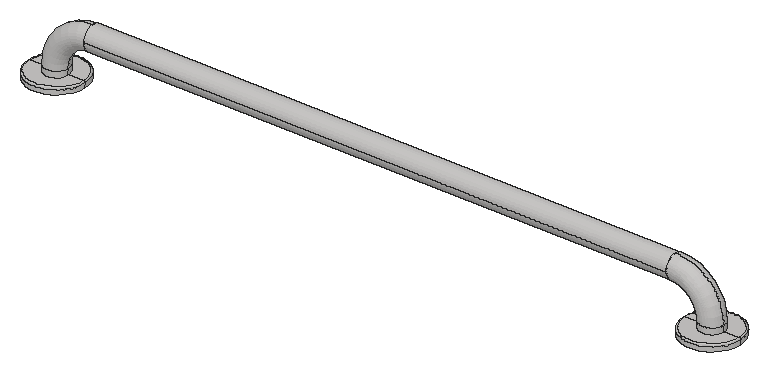
Revit family "PRD_FrankeWS_SpprtRls_StraightGrabRail_CNTX300W_450W_600W_750W_900W_1050W_1100W", category Specialty Equipment, host Face, Revit 2018
Family settings
  Host = Face
  Round Connector Dimension = Use Diameter
  Part Type = Normal
  OmniClass Number = 23.40.20.21
  OmniClass Title = Toilet and Bath Specialties
  Cut with Voids When Loaded = No
  Shared = No
  Room Calculation Point = No
Parameters (values of type "CNTX900W")
  WarrantyStartDate [instance] = "1900-12-31T23:59:59"
  WarrantyGuarantorParts = "n/a"
  WarrantyGuarantorLabor = "n/a"
  WarrantyDurationUnit = "year"
  WarrantyDurationParts = "n/a"
  WarrantyDurationLabor = "n/a"
  WarrantyDescription = "n/a"
  Version = "1"
  Uniclass2015Version = "Products v1.10"
  Uniclass2015Title = "Support rails"
  Uniclass2015Code = "Pr_40_20_76_84"
  URL = "www.kwc.com"
  TypeOfMounting = "Wall mounting"
  TypeOfGrabRail = "Straight bar"
  TypeOfFixing = "Screw"
  TagNumber [instance] = "n/a"
  SustainabilityPerformance = "n/a"
  Style = "n/a"
  Size = "978 x 78 x 82 mm"
  Shape = "n/a"
  SerialNumber [instance] = "n/a"
  Revision = "n/a"
  ReplacementCost = "n/a"
  ProductInformation = "https://pim.kwc.com/product/2030033990/attachment/datasheet?locale=en"
  PipeDiameter = 32.00 mm
  NominalWidth = 978.00 mm
  NominalHeight = 78.00 mm
  NominalDepth = 82.00 mm
  NetWeight = 2.214 kg
  Name = "Straight Grab Rail CNTX900W"
  NBSTypeID = "n/a"
  NBSReference = "45-35-72/360"
  NBSOfficeMasterTag = "n/a"
  NBSNote = "n/a"
  NBSDescription = "Support rails"
  NBSCertification = "n/a"
  ModelReference = "CNTX900W"
  ModelNumber = "2030033990"
  Model = ModelReference  # "CNTX900W"
  MaterialThickness = "1.20 mm"
  MaterialCode = "1.4301"
  Material = "stainless steel"
  ManufacturerURL = "www.kwc.com"
  ManufacturerName = "KWC Group AG"  # constant formula
  Manufacturer = ManufacturerName  # "KWC Group AG"
  MainColor = "stainless steel"
  IsBuiltIn = "TRUE"
  IntegralAccessories = "incl. stainless steel screws and dowels"
  InstallationDate [instance] = "1900-12-31T23:59:59"
  IfcExportType = "USERDEFINED"
  IfcExportAs = "IfcFurnitureType"
  Hinged = "No"
  HiddenFixing = "Yes"
  GrossWeight = 2.318 kg
  Grade = "n/a"
  GrabRailMaterial = PRD_AR_StainlessSteel_SatinFinished
  Finish = "satin finished"
  Features = "stainless steel, surface satin finished"
  ExpectedLife = "n/a"
  DurationUnit = "year"
  DistanceBetweenPoints = 900.00 mm
  Description = "Grab rail for wall mounting, stainless steel, surface satin finished, rough polishing for better surface feel, 32 mm pipe diameter, material thickness 1.2 mm, wall distance 82 mm, with two stainless steel covers for hidden mounting, includes stainless steel screws and dowels. Type 900 mm."
  Default Elevation = 750.00 mm
  CreateOn = "11/2019"  # constant formula
  Constituents = "n/a"
  Color = "no color"
  CodePerformance = "n/a"
  Category = "Pr_40_20_76_84, Support rails"
  BendingAngle = "0.00 degree"
  BarCode [instance] = "n/a"
  Back = "n/a"
  BIMObjectName = "PRD_AR_SupportRails_StraightGrabRail_CNTX900W"
  Author = "Archispace"  # constant formula
  AssetType = "Fixed"
  AssetIdentifier [instance] = "n/a"
  AccessibilityPerformance = "n/a"
Types (7, lengths in mm): name | Size | ProductInformation | NominalWidth | NetWeight | Name | ModelReference | ModelNumber | Model | GrossWeight | DistanceBetweenPoints | Description | Back | BIMObjectName
  CNTX600W | "678 x 78 x 82 mm" | "https://pim.kwc.com/product/2030032985/attachment/datasheet?locale=en" | 678.00 | 0.95 kg | "Straight Grab Rail CNTX600W" | "CNTX600W" | "2030032985" | "CNTX600W" | 1.21 kg | 600.00 | "Grab rail for wall mounting, stainless steel, surface satin finished, rough polishing for better surface feel, 32 mm pipe diameter, material thickness 1.2 mm, wall distance 82 mm, with two stainless steel covers for hidden mounting, includes stainless steel screws and dowels. Type 600 mm." | "n/a" | "PRD_AR_SupportRails_StraightGrabRail_CNTX600W"
  CNTX450W | "528 x 78 x 82 mm" | "https://pim.kwc.com/product/2030033978/attachment/datasheet?locale=en" | 528.00 | 1.00 kg | "Straight Grab Rail CNTX450W" | "CNTX450W" | "2030033978" | "CNTX450W" | 1.10 kg | 450.00 | "Grab rail for wall mounting, stainless steel, surface satin finished, rough polishing for better surface feel, 32 mm pipe diameter, material thickness 1.2 mm, wall distance 82 mm, with two stainless steel covers for hidden mounting, includes stainless steel screws and dowels. Type 450 mm." | "n/a" | "PRD_AR_SupportRails_StraightGrabRail_CNTX450W"
  CNTX900W | "978 x 78 x 82 mm" | "https://pim.kwc.com/product/2030033990/attachment/datasheet?locale=en" | 978.00 | 2.214 kg | "Straight Grab Rail CNTX900W" | "CNTX900W" | "2030033990" | "CNTX900W" | 2.318 kg | 900.00 | "Grab rail for wall mounting, stainless steel, surface satin finished, rough polishing for better surface feel, 32 mm pipe diameter, material thickness 1.2 mm, wall distance 82 mm, with two stainless steel covers for hidden mounting, includes stainless steel screws and dowels. Type 900 mm." | "n/a" | "PRD_AR_SupportRails_StraightGrabRail_CNTX900W"
  CNTX1100W | "1178 x 78 x 82 mm" | "https://pim.kwc.com/product/2030033994/attachment/datasheet?locale=en" | 1178.00 | 3.219 kg | "Straight Grab Rail CNTX1100W" | "CNTX1100W" | "2030033994" | "CNTX1100W" | 3.347 kg | 1100.00 | "Grab rail for wall mounting, stainless steel, surface satin finished, rough polishing for better surface feel, 32 mm pipe diameter, material thickness 1.2 mm, wall distance 82 mm, with two stainless steel covers for hidden mounting, includes stainless steel screws and dowels. Type 1100 mm." | "n/a" | "PRD_AR_SupportRails_StraightGrabRail_CNTX1100W"
  CNTX300W | "378 x 78 x 82 mm" | "https://pim.kwc.com/product/2030033995/attachment/datasheet?locale=en" | 378.00 | 0.778 kg | "Straight Grab Rail CNTX300W" | "CNTX300W" | "2030033995" | "CNTX300W" | 0.887 kg | 300.00 | "Grab rail for wall mounting, stainless steel, surface satin finished, rough polishing for better surface feel, 32 mm pipe diameter, material thickness 1.2 mm, wall distance 82 mm, with two stainless steel covers for hidden mounting, includes stainless steel screws and dowels. Type 300 mm." | "No" | "PRD_AR_SupportRails_StraightGrabRail_CNTX300W"
  CNTX750W | "828 x 78 x 82 mm" | "https://pim.kwc.com/product/2030033997/attachment/datasheet?locale=en" | 828.00 | 1.40 kg | "Straight Grab Rail CNTX750W" | "CNTX750W" | "2030033997" | "CNTX750W" | 1.52 kg | 750.00 | "Grab rail for wall mounting, stainless steel, surface satin finished, rough polishing for better surface feel, 32 mm pipe diameter, material thickness 1.2 mm, wall distance 82 mm, with two stainless steel covers for hidden mounting, includes stainless steel screws and dowels. Type 750 mm." | "n/a" | "PRD_AR_SupportRails_StraightGrabRail_CNTX750W"
  CNTX1050W | "1128 x 78 x 82 mm" | "https://pim.kwc.com/product/2030034502/attachment/datasheet?locale=en" | 1128.00 | 2.901 kg | "Straight Grab Rail CNTX1050W" | "CNTX1050W" | "2030034502" | "CNTX1050W" | 3.021 kg | 1050.00 | "Straight grab rail for wall mounting, stainless steel, surface satin finished, rough polishing for better surface feel, 32 mm pipe diameter, material thickness 1.2 mm, wall distance 82 mm, with two stainless steel covers for hidden mounting, includes stainless steel screws and dowels. Type 1050 mm." | "No" | "PRD_AR_SupportRails_StraightGrabRail_CNTX1050W"
Reference planes
  plane 1 "Center (Front/Back)": y = 0
  plane 2: z = 0
  plane 3 "Center (Left/Right)": x = 0
Dimensions and locks
  aligned and locked: plane 2 to host face
  aligned and locked: level to host face
Nested families
  nested 1: "CNTX" at (0, 0, 0) x (-1, 0, 0) z (0, 0, 1), type "CNTX"
    with Width 900.00 mm
Definition of nested family "CNTX"
  Parameters (values of type "CNTX21W")
    Width = 400.00 mm
    GrabRailMaterial = none
  Reference planes
    plane 1 "Center (Front/Back)": y = 0
    plane 2: z = 0
    plane 3 "Center (Left/Right)": x = 0
    plane 4: x = -200
    plane 5: x = 200
  Forms (mm)
    Sweep 1, solid, material <- "GrabRailMaterial", detail levels medium+fine
      path origin (-767, 970.266, 66) x (0, 1, 0) y (-1, 0, 0)
        loop
          line (-970.266, -617) -> (-970.266, -917)
      profile origin (0, 0, 66) x (0, 1, 0) y (0, 0, 1)
        loop
          circle (0, 0) r 16
    Extrusion 2, solid, material <- "GrabRailMaterial", detail levels medium
      sketch origin (0, 0, 0) x (1, 0, 0) y (0, 1, 0)
        loop
          circle (-200, 0) r 39
        loop
          circle (200, 0) r 39
      from 0 to 8
    Extrusion 3, solid, material <- "GrabRailMaterial", detail levels coarse
      sketch origin (0, 0, 0) x (1, 0, 0) y (0, 1, 0)
        loop
          line (-216, -16) -> (216, -16) -> (216, 16) -> (-216, 16) -> (-216, -16)
      from 0 to 82
    Sweep 4, solid, material <- "GrabRailMaterial", detail levels medium+fine
      path origin (490, -767, 0) x (-1, 0, 0) y (0, 0, 1)
        loop
          line (690, 8) -> (690, 16)
          arc (690, 16) -> (675.355, 51.355) -> (640, 66) r 50
      profile origin (-200, -767, 12) x (1, 0, 0) y (0, 1, 0)
        loop
          circle (0, 767) r 16
    Revolve 5, solid, material <- "GrabRailMaterial", detail levels fine
      sketch origin (-299.624, 0, 1219.2) x (-1, 0, 0) y (0, 0, 1)
        loop
          line (-99.624, -1219.2) -> (-99.624, -1211.2) -> (-136.624, -1211.2)
          arc (-136.624, -1211.2) -> (-138.038, -1211.786) -> (-138.624, -1213.2) r 2
          line (-138.624, -1213.2) -> (-138.624, -1219.2) -> (-99.624, -1219.2)
        axis (-99.624, -1211.2) -> (-99.624, -1219.2)
      angle from 0 to 360
    Revolve 6, solid, material <- "GrabRailMaterial", detail levels fine
      sketch origin (299.624, 0, 1219.2) x (1, 0, 0) y (0, 0, -1)
        loop
          line (-99.624, 1219.2) -> (-138.624, 1219.2) -> (-138.624, 1213.2)
          arc (-138.624, 1213.2) -> (-138.038, 1211.786) -> (-136.624, 1211.2) r 2
          line (-136.624, 1211.2) -> (-99.624, 1211.2) -> (-99.624, 1219.2)
        axis (-99.624, 1211.2) -> (-99.624, 1219.2)
      angle from 0 to 360
    Sweep 7, solid, material <- "GrabRailMaterial", detail levels medium+fine
      path origin (-490, -767, 0) x (1, 0, 0) y (0, 0, -1)
        loop
          line (690, -8) -> (690, -16)
          arc (690, -16) -> (675.355, -51.355) -> (640, -66) r 50
      profile origin (200, -767, 12) x (1, 0, 0) y (0, 1, 0)
        loop
          circle (0, 767) r 16
  Cuts and joins
    joined: Sweep 1, Sweep 4, Sweep 7
  Dimensions and locks
    equal spacing: plane 4, plane 3 "Center (Left/Right)", plane 5
    "Width": plane 4 to plane 5
    locked: Extrusion 3 sketch curve to plane 4 at 16
    locked: plane 5 to Extrusion 3 sketch curve at 16
    locked: plane 4 to Sweep 1 sketch curve at 50
    locked: Sweep 1 sketch curve to plane 5 at 50
    aligned and locked: level to plane 2
    aligned and locked: plane 4 to Extrusion 2 sketch curve
    aligned and locked: plane 5 to Extrusion 2 sketch curve
    aligned and locked: plane 5 to Sweep 7 sketch curve
    aligned and locked: plane 4 to Sweep 4 sketch curve
  Automatic sketch dimensions
    plane 1 "Center (Front/Back)" to Sweep 1 sketch curve = 0.00 mm
    Sweep 1 sketch curve to profile plane = 0.00 mm  (x2)
    plane 1 "Center (Front/Back)" to Extrusion 2 sketch curve = 0.00 mm  (x2)
    plane 1 "Center (Front/Back)" to Extrusion 3 sketch curve = 16.00 mm
    Extrusion 3 sketch curve to plane 1 "Center (Front/Back)" = 16.00 mm
    level to Sweep 4 sketch curve = 16.00 mm
    plane 4 to Sweep 4 sketch curve = 50.00 mm
    Sweep 4 sketch curve to Sweep 4 sketch curve = 8.00 mm
    Sweep 4 sketch curve to profile plane = 0.00 mm
    profile plane to Sweep 4 sketch curve = 767.00 mm
    Revolve 5 sketch curve to level = 0.00 mm
    Revolve 5 sketch curve to plane 4 = 0.00 mm  (x2)
    level to Revolve 5 sketch curve = 8.00 mm
    plane 4 to Revolve 5 sketch curve = 37.00 mm
    Revolve 5 sketch curve to Revolve 5 sketch curve = 2.00 mm
    Revolve 5 sketch curve to Revolve 5 sketch curve = 3.181 mm
    Revolve 5 sketch curve to Revolve 5 sketch curve = 0.00 mm
    Revolve 6 sketch curve to level = 0.00 mm
    Revolve 6 sketch curve to plane 5 = 0.00 mm  (x2)
    level to Revolve 6 sketch curve = 8.00 mm
    Revolve 6 sketch curve to plane 5 = 37.00 mm
    Revolve 6 sketch curve to Revolve 6 sketch curve = 2.00 mm
    Revolve 6 sketch curve to Revolve 6 sketch curve = 0.00 mm
    Revolve 6 sketch curve to Revolve 6 sketch curve = 3.181 mm
    level to Sweep 7 sketch curve = 16.00 mm
    Sweep 7 sketch curve to plane 5 = 50.00 mm
    Sweep 7 sketch curve to Sweep 7 sketch curve = 8.00 mm
    Sweep 7 sketch curve to profile plane = 0.00 mm
    profile plane to Sweep 7 sketch curve = 767.00 mm
    radius of Sweep 1 sketch curve = 16.00 mm
    radius of Extrusion 2 sketch curve = 39.00 mm  (x2)
    radius of Sweep 4 sketch curve = 16.00 mm
    radius of Sweep 7 sketch curve = 16.00 mm
